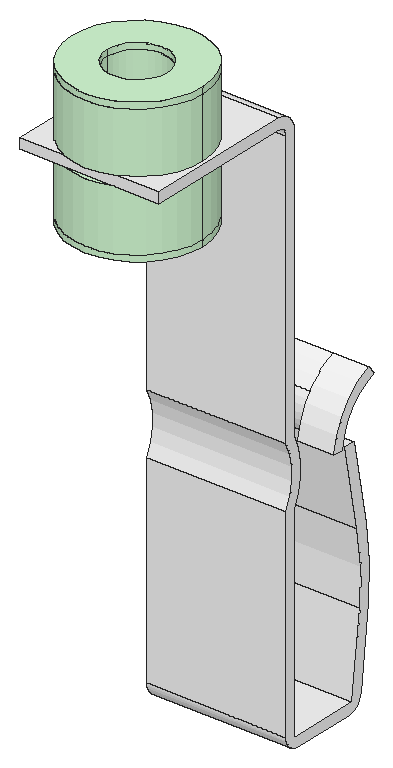
Revit family "kiriiboshinhanger_ver_2022", category 機械設備, Revit 2022
Family settings
  丸型コネクタ寸法 = 直径を使用
  種別 = なし
  パーツ タイプ = 標準
  作業面ベース = いいえ
  常に垂直 = はい
  ロード時にボイドで切り取り = いいえ
  注釈の向きを維持 = いいえ
  共有 = いいえ
  部屋計算ポイント = いいえ
Parameters
  製造元 = "株式会社桐井製作所"
  既定の高さ = 0 mm
  URL = "https://www.kirii.co.jp/"
  K_品名 = "桐井防振ハンガー(直吊りタイプ)"
  K_名称 = "防振ハンガー"
  K_使用荷重(N) = "~98"
  K_バージョン情報 = "20251219"
Reference planes
  plane 1 "中心(正面/背面)": y = 0
  plane 2: z = 0
  plane 3 "中心(左/右)": x = 0
  plane 4: x = 11.5
  plane 5: x = -11.5
Forms (mm)
  Extrusion 1, solid
    sketch origin (0, -1.432, 0) x (0, 1, 0) y (0, 0, 1)
      loop
        line (-28, 93.32) -> (-28, 91.64) -> (-3.18, 91.64)
        arc (-3.18, 91.64) -> (-2.119, 91.201) -> (-1.68, 90.14) r 1.5
        line (-1.68, 90.14) -> (-1.68, 44.401)
        arc (-1.68, 44.401) -> (-0.36, 39.32) -> (-1.68, 34.239) r 10.438
        line (-1.68, 34.239) -> (-1.68, 0.82)
        arc (-1.68, 0.82) -> (-0.948, -0.948) -> (0.82, -1.68) r 2.5
        line (0.82, -1.68) -> (11.368, -1.68)
        arc (11.368, -1.68) -> (13.033, -1.045) -> (13.852, 0.537) r 2.5
        line (13.852, 0.537) -> (15.31, 13.345)
        arc (15.31, 13.345) -> (15.539, 19.366) -> (14.861, 25.354) r 40
        line (14.861, 25.354) -> (12.296, 38.822)
        arc (12.296, 38.822) -> (11.737, 40.973) -> (11.876, 43.192) r 7.037
        arc (11.876, 43.192) -> (13.962, 45.413) -> (16.585, 46.961) r 10.767
        line (16.585, 46.961) -> (15.5, 48.32)
        arc (15.5, 48.32) -> (12.972, 46.773) -> (10.882, 44.671) r 12.447
        arc (10.882, 44.671) -> (9.767, 41.624) -> (10.647, 38.5) r 5.275
        line (10.647, 38.5) -> (13.163, 25.29)
        arc (13.163, 25.29) -> (13.841, 19.303) -> (13.612, 13.281) r 40
        line (13.612, 13.281) -> (12.1, 0) -> (0.5, 0)
        arc (0.5, 0) -> (0.146, 0.146) -> (0, 0.5) r 0.5
        line (0, 0.5) -> (0, 33.82)
        arc (0, 33.82) -> (1.32, 39.32) -> (0, 44.82) r 12.118
        line (0, 44.82) -> (0, 90.32)
        arc (0, 90.32) -> (-0.879, 92.441) -> (-3, 93.32) r 3
        line (-3, 93.32) -> (-28, 93.32)
    from -11.5 to 11.5
  Extrusion 2, solid
    sketch origin (0, -1.432, 0) x (0, 1, 0) y (0, 0, 1)
      loop
        line (16.585, 46.961) -> (15.5, 48.32)
        arc (15.5, 48.32) -> (10.606, 44.304) -> (8.32, 38.4) r 12.447
        line (8.32, 38.4) -> (9.989, 38.212)
        arc (9.989, 38.212) -> (12.091, 43.488) -> (16.585, 46.961) r 10.767
    from -11.5 to 11.5
  Extrusion 3, void
    sketch origin (0, -1.432, 0) x (1, 0, 0) y (0, 1, 0)
      loop
        line (-11.5, 16.585) -> (-11.5, 7.685) -> (-5.5, 7.685) -> (-5.5, 16.585) -> (-11.5, 16.585)
      loop
        line (5.5, 17.012) -> (5.5, 7.685) -> (11.5, 7.685) -> (11.5, 17.012) -> (5.5, 17.012)
    from 38.5 to 49.8
  Extrusion 4, void
    sketch origin (0, -1.432, 0) x (1, 0, 0) y (0, 1, 0)
      loop
        line (-5.5, 17.016) -> (-5.5, 7.685) -> (5.5, 7.685) -> (5.5, 17.016) -> (-5.5, 17.016)
    from 37.944 to 48.771
  Extrusion 5, void
    sketch origin (0, 0, 0) x (1, 0, 0) y (0, 1, 0)
      loop
        circle (0, -19.432) r 5
    from 91.64 to 93.32
  Extrusion 6, solid
    sketch origin (0, 0, 0) x (1, 0, 0) y (0, 1, 0)
      loop
        circle (0, -19.432) r 5
      loop
        circle (0, -19.432) r 10.85
    from 93.32 to 103.32
  Extrusion 7, solid
    sketch origin (0, 0, -11.68) x (1, 0, 0) y (0, 1, 0)
      loop
        circle (0, -19.432) r 5
      loop
        circle (0, -19.432) r 10.85
    from 93.32 to 103.32
Cuts and joins
  Extrusion 3, Extrusion 5 cuts Extrusion 1
  Extrusion 4 cuts Extrusion 2
  joined: Extrusion 1, Extrusion 2
Dimensions and locks
  aligned and locked: level to plane 2
Nested families
  nested 1: "平ワッシャー(KS防振ハンガー)" at (0, -19.432, 81.64) x (1, 0, 0) z (0, -1, 0), type "平ワッシャー(KS防振ハンガー)"
  nested 2: "平ワッシャー(KS防振ハンガー)" at (0, -19.432, 104.32) x (1, 0, 0) z (0, -1, 0), type "平ワッシャー(KS防振ハンガー)"
Definition of nested family "平ワッシャー(KS防振ハンガー)"
  Parameters (values of type "平ワッシャー(KS防振ハンガー)")
    Manufacturer = "株式会社桐井製作所"
    Default Elevation = 0 mm
    URL = "https://www.kirii.co.jp/"
    K_名称 = "平ワッシャー(KS防振ハンガー)"
  Reference planes
    plane 1 "中心(正面/背面)": y = 0
    plane 2: z = 0
    plane 3 "中心(左/右)": x = 0
  Forms (mm)
    Extrusion 1, solid
      sketch origin (0, 0, 0) x (1, 0, 0) y (0, 0, 1)
        loop
          circle (0, 0) r 10.85
        loop
          circle (0, 0) r 5
      from 0 to 1
  Dimensions and locks
    aligned and locked: level to plane 2
